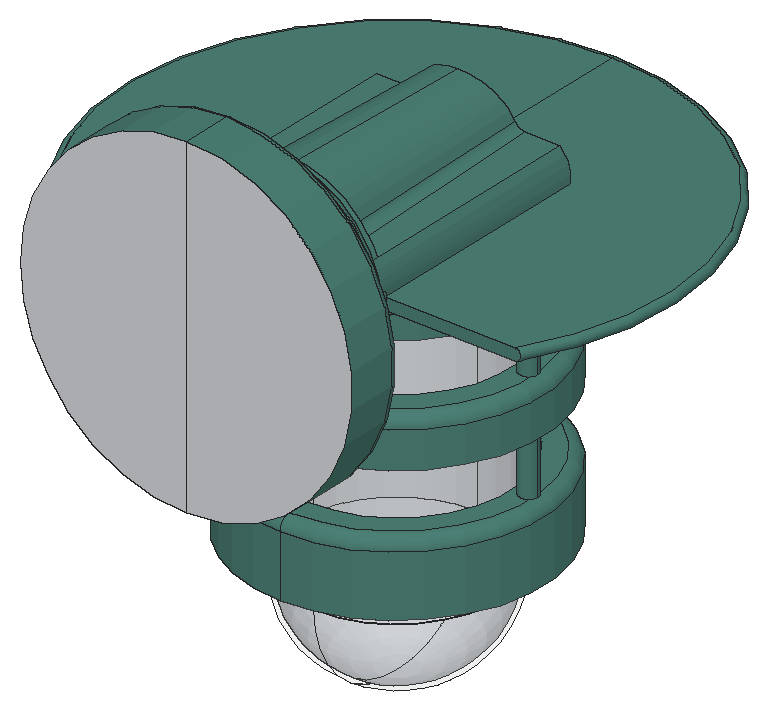
Revit family "ORW12 SHADE", category Lighting Fixtures, host Wall, Revit 2024
Family settings
  Host = Wall
  Round Connector Dimension = Use Diameter
  Part Type = Normal
  OmniClass Number = 23.80.70.00
  OmniClass Title = Lighting
  Always vertical = Yes
  Cut with Voids When Loaded = No
  Light Source = No
  Maintain Annotation Orientation = No
  Shared = No
  Room Calculation Point = No
Parameters
  Default Elevation = 0' - 0"
Reference planes (in)
  plane 1: y = 0
  plane 2 "Light Source Axis (F/B)": y = 8.52216
  plane 3 "Light Source Axis (L/R)": x = -1.43133
  plane 4 "Light Source Elevation": z = 77.34439
Forms (in)
  Revolve 1, solid
    sketch origin (-1.43133, 0, 0.12485) x (0, -1, 0) y (0, 0, 1)
      loop
        line (-5.5228, 77.34439) -> (-3, 77.34439) -> (-3, 80.75359) -> (-4.02276, 80.75359)
        arc (-4.02276, 80.75359) -> (-4.10311, 80.7203) -> (-4.1364, 80.63995) r 0.11364
        line (-4.1364, 80.63995) -> (-4.1364, 79.61719) -> (-5.15916, 79.61719)
        arc (-5.15916, 79.61719) -> (-5.23951, 79.5839) -> (-5.2728, 79.50355) r 0.11364
        line (-5.2728, 79.50355) -> (-5.2728, 79.40689) -> (-5.5228, 79.40689) -> (-5.5228, 77.34439)
      axis (-3, 77.34439) -> (-5.5228, 77.34439)
    angle from 0 to 360
  SweptBlend 2, solid
    path origin (-1.43133, 0, 0.12485) x (0, -1, 0) y (0, 0, 1)
      loop
        line (-5.2728, 77.34439) -> (-10.2728, 77.34439)
    profile origin (-1.43133, 5.2728, 77.46925) x (0, 0, -1) y (-1, 0, 0)
      loop
        arc (-1.83963, 0) -> (-1.60206, -0.70526) -> (-0.98618, -1.12303) r 1.16561
        arc (-0.98618, -1.12303) -> (-0.87071, -1.20136) -> (-0.82616, -1.3336) r 0.21855
        line (-0.82616, -1.3336) -> (-0.82616, -1.8898)
        arc (-0.82616, -1.8898) -> (-0.48385, -2.02136) -> (-0.11712, -2.02063) r 0.99978
        line (-0.11712, -2.02063) -> (-0.11712, 2.02063)
        arc (-0.11712, 2.02063) -> (-0.48385, 2.02136) -> (-0.82616, 1.8898) r 0.99978
        line (-0.82616, 1.8898) -> (-0.82616, 1.3336)
        arc (-0.82616, 1.3336) -> (-0.87071, 1.20136) -> (-0.98618, 1.12303) r 0.21855
        arc (-0.98618, 1.12303) -> (-1.60206, 0.70526) -> (-1.83963, 0) r 1.16561
    end profile origin (-1.43133, 10.2728, 77.46925) x (0, 0, -1) y (-1, 0, 0)
      loop
        arc (-1.6875, 0) -> (-1.48368, -0.60506) -> (-0.95531, -0.96347) r 1
        arc (-0.95531, -0.96347) -> (-0.85624, -1.03068) -> (-0.81802, -1.14412) r 0.1875
        line (-0.81802, -1.14412) -> (-0.81802, -1.86998)
        arc (-0.81802, -1.86998) -> (-0.4816, -2.01164) -> (-0.11706, -2.03065) r 1.0589
        line (-0.11706, -2.03065) -> (-0.11706, 2.02532)
        arc (-0.11706, 2.02532) -> (-0.47899, 2.02013) -> (-0.81802, 1.89334) r 1.0589
        line (-0.81802, 1.89334) -> (-0.81802, 1.14412)
        arc (-0.81802, 1.14412) -> (-0.85624, 1.03068) -> (-0.95531, 0.96347) r 0.1875
        arc (-0.95531, 0.96347) -> (-1.48368, 0.60506) -> (-1.6875, 0) r 1
  Revolve 3, solid
    sketch origin (-1.43133, 0.00018, 0.12485) x (0, -1, 0) y (0, 0, 1)
      loop
        arc (-13.90916, 77.50689) -> (-14.0228, 77.39325) -> (-13.90916, 77.27961) r 0.11364
        line (-13.90916, 77.27961) -> (-8.3978, 77.27961) -> (-8.3978, 77.50689) -> (-13.90916, 77.50689)
      axis (-8.3978, 77.50689) -> (-8.3978, 77.27961)
    angle from 0 to 360
  Extrusion 4, void
    sketch origin (-1.43133, -17.99982, 0.12485) x (0, -1, 0) y (0, 0, 1)
      loop
        line (-23.52261, 77.24575) -> (-20.74345, 77.24575) -> (-20.74345, 77.53095) -> (-23.52261, 77.53095) -> (-23.52261, 77.24575)
    from -5.45424 to 5.41277
  Revolve 5, solid, not visible
    sketch origin (-1.43133, 0, 0) x (0, -1, 0) y (0, 0, 1)
      loop
        line (-5.5228, 77.34439) -> (-3, 77.34439) -> (-3, 80.75359) -> (-4.02276, 80.75359)
        arc (-4.02276, 80.75359) -> (-4.10311, 80.7203) -> (-4.1364, 80.63995) r 0.11364
        line (-4.1364, 80.63995) -> (-4.1364, 79.61719) -> (-5.15916, 79.61719)
        arc (-5.15916, 79.61719) -> (-5.23951, 79.5839) -> (-5.2728, 79.50355) r 0.11364
        line (-5.2728, 79.50355) -> (-5.2728, 79.40689) -> (-5.5228, 79.40689) -> (-5.5228, 77.34439)
      axis (-3, 77.34439) -> (-5.5228, 77.34439)
    angle from 0 to 360
  SweptBlend 6, solid, not visible
    path origin (-1.43133, 0, 0) x (0, -1, 0) y (0, 0, 1)
      loop
        line (-5.2728, 77.34439) -> (-10.2728, 77.34439)
    profile origin (-1.43133, 5.2728, 77.34439) x (0, 0, -1) y (-1, 0, 0)
      loop
        arc (-1.83963, 0) -> (-1.60206, -0.70526) -> (-0.98618, -1.12303) r 1.16561
        arc (-0.98618, -1.12303) -> (-0.87071, -1.20136) -> (-0.82616, -1.3336) r 0.21855
        line (-0.82616, -1.3336) -> (-0.82616, -1.8898)
        arc (-0.82616, -1.8898) -> (-0.48385, -2.02136) -> (-0.11712, -2.02063) r 0.99978
        line (-0.11712, -2.02063) -> (-0.11712, 2.02063)
        arc (-0.11712, 2.02063) -> (-0.48385, 2.02136) -> (-0.82616, 1.8898) r 0.99978
        line (-0.82616, 1.8898) -> (-0.82616, 1.3336)
        arc (-0.82616, 1.3336) -> (-0.87071, 1.20136) -> (-0.98618, 1.12303) r 0.21855
        arc (-0.98618, 1.12303) -> (-1.60206, 0.70526) -> (-1.83963, 0) r 1.16561
    end profile origin (-1.43133, 10.2728, 77.34439) x (0, 0, -1) y (-1, 0, 0)
      loop
        arc (-1.6875, 0) -> (-1.48368, -0.60506) -> (-0.95531, -0.96347) r 1
        arc (-0.95531, -0.96347) -> (-0.85624, -1.03068) -> (-0.81802, -1.14412) r 0.1875
        line (-0.81802, -1.14412) -> (-0.81802, -1.86998)
        arc (-0.81802, -1.86998) -> (-0.4816, -2.01164) -> (-0.11706, -2.03065) r 1.0589
        line (-0.11706, -2.03065) -> (-0.11706, 2.02532)
        arc (-0.11706, 2.02532) -> (-0.47899, 2.02013) -> (-0.81802, 1.89334) r 1.0589
        line (-0.81802, 1.89334) -> (-0.81802, 1.14412)
        arc (-0.81802, 1.14412) -> (-0.85624, 1.03068) -> (-0.95531, 0.96347) r 0.1875
        arc (-0.95531, 0.96347) -> (-1.48368, 0.60506) -> (-1.6875, 0) r 1
  Revolve 7, solid, not visible
    sketch origin (-1.43133, 0.00018, 0) x (0, -1, 0) y (0, 0, 1)
      loop
        arc (-13.90916, 77.50689) -> (-14.0228, 77.39325) -> (-13.90916, 77.27961) r 0.11364
        line (-13.90916, 77.27961) -> (-8.3978, 77.27961) -> (-8.3978, 77.50689) -> (-13.90916, 77.50689)
      axis (-8.3978, 77.50689) -> (-8.3978, 77.27961)
    angle from 0 to 360
  Extrusion 8, void, not visible
    sketch origin (-1.43133, -17.99982, 0) x (0, -1, 0) y (0, 0, 1)
      loop
        line (-23.52261, 77.24575) -> (-20.74345, 77.24575) -> (-20.74345, 77.53095) -> (-23.52261, 77.53095) -> (-23.52261, 77.24575)
    from -5.45424 to 5.41277
  Revolve 9, solid
    sketch origin (-1.43133, 0, 0) x (0, -1, 0) y (0, 0, 1)
      loop
        line (-6.0228, 77.27961) -> (-6.22828, 77.27961) -> (-6.22828, 76.15461) -> (-6.0853, 76.15461) -> (-6.0853, 76.65461) -> (-6.0228, 76.65461) -> (-6.0228, 77.27961)
      loop
        line (-6.0853, 75.15461) -> (-6.0853, 75.06086) -> (-5.6478, 75.06086)
        arc (-5.6478, 75.06086) -> (-5.53731, 75.0151) -> (-5.49155, 74.90461) r 0.15625
        line (-5.49155, 74.90461) -> (-5.49155, 74.15461) -> (-5.3978, 74.15461) -> (-5.3978, 74.90461)
        arc (-5.3978, 74.90461) -> (-5.47102, 75.08139) -> (-5.6478, 75.15461) r 0.25
        line (-5.6478, 75.15461) -> (-6.0853, 75.15461)
      loop
        line (-5.3978, 71.40461) -> (-5.3978, 72.65461)
        arc (-5.3978, 72.65461) -> (-5.47102, 72.83139) -> (-5.6478, 72.90461) r 0.25
        line (-5.6478, 72.90461) -> (-6.0853, 72.90461) -> (-6.0853, 72.81086) -> (-5.6478, 72.81086)
        arc (-5.6478, 72.81086) -> (-5.53731, 72.7651) -> (-5.49155, 72.65461) r 0.15625
        line (-5.49155, 72.65461) -> (-5.49155, 71.40461) -> (-5.3978, 71.40461)
      loop
        line (-6.26655, 76.15461) -> (-6.3603, 76.15461) -> (-6.3603, 70.84047)
        arc (-6.3603, 70.84047) -> (-6.95845, 69.40929) -> (-8.39712, 68.82937) r 2.01127
        line (-8.39712, 68.82937) -> (-8.39712, 68.73561)
        arc (-8.39712, 68.73561) -> (-6.89215, 69.34299) -> (-6.26655, 70.84047) r 2.10502
        line (-6.26655, 70.84047) -> (-6.26655, 76.15461)
      axis (-8.39712, 77.27961) -> (-8.39712, 68.73561)
    angle from 0 to 360
  Revolve 10, solid
    sketch origin (0, 8.52216, 0) x (1, 0, 0) y (0, 0, 1)
      loop
        line (-4.01074, 77.50689) -> (-4.01074, 77.58555) -> (-4.13574, 77.58555) -> (-4.13574, 77.50689) -> (-4.19824, 77.50689) -> (-4.19824, 72.79522) -> (-4.01074, 72.79522) -> (-4.01074, 77.50689)
      axis (-4.01074, 77.58555) -> (-4.01074, 72.79522)
    angle from 0 to 360
  Revolve 11, solid
    sketch origin (-2.86265, 8.52216, 0) x (-1, 0, 0) y (0, 0, -1)
      loop
        line (-4.01074, -77.50689) -> (-4.01074, -72.79522) -> (-4.19824, -72.79522) -> (-4.19824, -77.50689) -> (-4.13574, -77.50689) -> (-4.13574, -77.58555) -> (-4.01074, -77.58555) -> (-4.01074, -77.50689)
      axis (-4.01074, -77.58555) -> (-4.01074, -72.79522)
    angle from 0 to 360
  Extrusion 12, void
    sketch origin (-1.43133, 0, 0) x (0, -1, 0) y (0, 0, 1)
      loop
        arc (-10.2728, 77.63175) -> (-10.17906, 78.51016) -> (-9.84943, 79.32976) r 3.21012
        line (-9.84943, 79.32976) -> (-10.66926, 79.21454) -> (-10.2728, 77.63175)
    from -2.40801 to 2.4697
Cuts and joins
  Extrusion 4 cuts Revolve 3
  Extrusion 12 cuts SweptBlend 2
Text (in)
  text "Placement Side" at (0, 40.15149, 123.01588), in view "Right"
  text "Placement Side" at (-70.3804, 28.46503, 0), in view "Ref. Level"
  text "Placement Side" at (0, 85.69064, 140.59947), in view "Left"
Dimensions and locks (in)
  aligned: level to host wall
